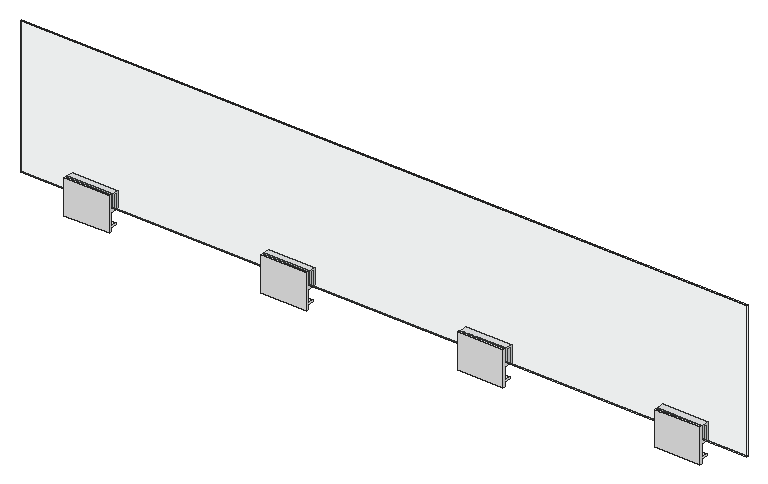
Revit family "Clarus_Divide Thinline_Top Clamp_R20", category Furniture, host Face, Revit 2020
Family settings
  Host = Face
  Cut with Voids When Loaded = No
  Shared = No
  Room Calculation Point = No
Parameters (values of type "6" Clamp - 96" Width")
  Width = 96"
  URL = "https://www.clarus.com/"
  TRC Standards [instance] = "http://therevitcollection.com/news/trc-news-the-revit-collection-standards-explained/"
  SingleArrayVis = Clamp Quantity < 2  # no
  Product URL = "https://www.clarus.com/divide-thinline/"
  MultiArrayVis = not(SingleArrayVis)  # yes
  More Revit Families! [instance] = "www.therevitcollection.com"
  Modeled By = "Commense Studio"  # constant formula
  Model = "Divide ThinLine"  # constant formula
  Manufacturer = "Clarus"  # constant formula
  Height Control = if(Height > 30", 30", Height)  # 18"
  Edge Offset = 6"  # constant formula
  Clarus Clamp [instance] = Clarus White
  Description = "Buckle down on your workspace challenges with Divide ThinLine from Clarus®. This beautifully\r\nengineered desk divider system boasts clean lines that won’t harm your existing offi ce furniture.\r\nSince no drilling is involved and all hardware screws are strategically hidden inside the clamps,\r\nDivide ThinLine seamlessly integrates and reduces visual distractions in your offi ce, all while\r\nmaintaining the overall aesthetic. Using this new patent pending state-of-the-art clamping system,\r\nDivide ThinLine can be easily installed at the back, side or along the center of a desk, giving you the\r\nfreedom to accommodate power cords, monitor arm att achments and more. You have the option to\r\nmix and match ThinLine Top, ThinLine Side and ThinLine Center hardware on the same table, which\r\nallows you to uniquely divide up your offi ce with stability and style."  # constant formula
  Height = 18"
  Designer = ""
  Glass Thickness = 1/4"
  Default Elevation = 0"
  Clarus Glass [instance] = Glass
  Clamp Width = 6"
  Clamp Quantity = 4
  Assembly Code = ""
  Array Control = if(Clamp Quantity < 2, 2, Clamp Quantity)  # 4
Types (11): name | Width | SingleArrayVis | MultiArrayVis | Clarus Clamp | Clarus Glass | Clamp Width | Clamp Quantity | Array Control
  12" Clamp - 36" Width | 36" | yes | no | Clarus Gray | none | 12" | 1 | 2
  6" Clamp - 36" Width | 36" | no | yes | Clarus Gray | none | 6" | 2 | 2
  2 1/2" Clamp - 30" Width | 30" | no | yes | Clarus Gray | none | 2 1/2" | 2 | 2
  6" Clamp - 66" Width | 66" | no | yes | Clarus Gray | none | 6" | 3 | 3
  6" Clamp - 96" Width | 96" | no | yes | Clarus White | Glass | 6" | 4 | 4
  2 1/2" Clamp - 48" Width | 48" | no | yes | Clarus Gray | none | 2 1/2" | 3 | 3
  2 1/2" Clamp - 66" Width | 66" | no | yes | Clarus Gray | none | 2 1/2" | 4 | 4
  2 1/2" Clamp - 84" Width | 84" | no | yes | Clarus Gray | none | 2 1/2" | 5 | 5
  2 1/2" Clamp - 96" Width | 96" | no | yes | Clarus Gray | none | 2 1/2" | 6 | 6
  12" Clamp - 72" Width | 72" | no | yes | Clarus Gray | none | 12" | 2 | 2
  12" Clamp - 96" Width | 96" | no | yes | Clarus Gray | none | 12" | 3 | 3
Reference planes (in)
  plane 1 "Center (Front/Back)": y = 0
  plane 2: z = 0
  plane 3 "Center (Left/Right)": x = 0
  plane 4 "L": x = -48
  plane 5 "R": x = 48
  plane 6 "F": y = -0.25
  plane 7: z = 18.5
  plane 8: x = -42
  plane 9: x = 42
  plane 10: z = 0.5
Forms (in)
  Extrusion 1, solid, material "Glass" <- "Clarus Glass"
    sketch origin (0, 0, 0) x (1, 0, 0) y (0, 1, 0)
      loop
        line (-48, 0) -> (-48, -0.25) -> (48, -0.25) -> (48, 0) -> (-48, 0)
    from 0.5 to 18.5
Dimensions and locks (in)
  equal spacing: plane 4 "L", plane 3 "Center (Left/Right)", plane 5 "R"
  "Width": plane 4 "L" to plane 5 "R"
  "Glass Thickness": plane 6 "F" to plane 1 "Center (Front/Back)"
  "Height": plane 7 to plane 10
  "Edge Offset": plane 4 "L" to plane 8
  "Edge Offset": plane 5 "R" to plane 9
  locked: plane 10 to level at 0.5
  equal spacing: group 1, group 3, group 4, group 2  (x3)
  aligned and locked: plane 2 to host face
  aligned and locked: level to host face
  aligned and locked: plane 7 to Extrusion 1
  aligned and locked: Extrusion 1 to plane 10
  aligned and locked: nested 1 to plane 6 "F"
  aligned and locked: plane 3 "Center (Left/Right)" to nested 1
  aligned and locked: nested 2 to plane 8
  aligned and locked: plane 9 to nested 3
Automatic sketch dimensions
  host sketch curve to host sketch curve = 96"
  host sketch curve to host sketch curve = 48 1/4"
  Extrusion 1 sketch curve to plane 4 "L" = 0"
  Extrusion 1 sketch curve to plane 5 "R" = 0"
  plane 6 "F" to Extrusion 1 sketch curve = 0"
  plane 1 "Center (Front/Back)" to Extrusion 1 sketch curve = 0"
Nested families (in)
  nested 1: "Thinline Top Clamp_R18" at (0, 0.875, 0), Core Finish <- "Clarus Clamp", visible <- "SingleArrayVis", type "Thinline Top Clamp_R18"
    with TRC Standards "http://therevitcollection.com/news/trc-news-the-revit-collection-standards-explained/", More Revit Families! "www.therevitcollection.com", Core Finish Clarus White
  nested 2: "Thinline Top Clamp_R18" at (-39, 0.875, 0), Core Finish <- "Clarus Clamp", visible <- "MultiArrayVis", type "Thinline Top Clamp_R18"
    with TRC Standards "http://therevitcollection.com/news/trc-news-the-revit-collection-standards-explained/", More Revit Families! "www.therevitcollection.com", Core Finish Clarus White
  nested 3: "Thinline Top Clamp_R18" at (39, 0.875, 0), Core Finish <- "Clarus Clamp", visible <- "MultiArrayVis", type "Thinline Top Clamp_R18"
    with TRC Standards "http://therevitcollection.com/news/trc-news-the-revit-collection-standards-explained/", More Revit Families! "www.therevitcollection.com", Core Finish Clarus White
  nested 4: "Thinline Top Clamp_R18" at (-13, 0.875, 0), Core Finish <- "Clarus Clamp", visible <- "MultiArrayVis", type "Thinline Top Clamp_R18"
    with TRC Standards "http://therevitcollection.com/news/trc-news-the-revit-collection-standards-explained/", More Revit Families! "www.therevitcollection.com", Core Finish Clarus White
  nested 5: "Thinline Top Clamp_R18" at (13, 0.875, 0), Core Finish <- "Clarus Clamp", visible <- "MultiArrayVis", type "Thinline Top Clamp_R18"
    with TRC Standards "http://therevitcollection.com/news/trc-news-the-revit-collection-standards-explained/", More Revit Families! "www.therevitcollection.com", Core Finish Clarus White
Definition of nested family "Thinline Top Clamp_R18"
  Parameters (values of type "Thinline Top Clamp_R18")
    Width = 6"
    URL = "https://www.clarus.com/"
    TRC Standards [instance] = "http://therevitcollection.com/news/trc-news-the-revit-collection-standards-explained/"
    Product URL = "https://www.clarus.com/be-shield/"
    More Revit Families! [instance] = "www.therevitcollection.com"
    Modeled By = "Commense Studio"  # constant formula
    Model = "be! Shield"  # constant formula
    Manufacturer = "Clarus"  # constant formula
    Core Finish [instance] = none
    Description = "be! Shield Leg Configs"  # constant formula
    Height = 4 7/16"
    Designer = ""
    Depth = 1 3/8"
    Default Elevation = 0"
    Assembly Code = ""
  Reference planes (in)
    plane 1 "Center (Front/Back)": y = 0
    plane 2: z = 0
    plane 3 "Center (Left/Right)": x = 0
    plane 4 "L": x = -3
    plane 5 "R": x = 3
    plane 6 "F": y = -1.375
    plane 7: z = 4.4375
  Forms (in)
    Extrusion 1, solid
      sketch origin (0, 0, 0) x (1, 0, 0) y (0, 1, 0)
        loop
          line (-48, 48) -> (-48, -48) -> (48, -48) -> (48, 48) -> (-48, 48)
      from 0 to -12
    Extrusion 2, solid, material <- "Core Finish"
      sketch origin (10.61611, 0, 0) x (0, 0, 1) y (0, -1, 0)
        loop
          line (2.125, 1.375) -> (-2.3125, 1.375) -> (-2.3125, 1.125) -> (-1.75135, 1.125) -> (-1.75135, 0.28125) -> (-1.50135, 0.28125) -> (-1.50135, 1.125) -> (0, 1.125) -> (0, 0.28125) -> (1.875, 0.28125) -> (1.875, 0.59375) -> (0.5, 0.59375) -> (0.5, 1.125) -> (2.125, 1.125) -> (2.125, 1.375)
        loop
          line (0.5625, 0.6875) -> (1.9375, 0.6875) -> (1.9375, 0.1875) -> (0.06115, 0.1875) -> (0.06115, 0) -> (2.125, 0) -> (2.125, 0.875) -> (0.5625, 0.875) -> (0.5625, 0.6875)
      from -13.61611 to -7.61611
  Dimensions and locks (in)
    equal spacing: plane 4 "L", plane 3 "Center (Left/Right)", plane 5 "R"
    "Width": plane 4 "L" to plane 5 "R"
    "Depth": plane 6 "F" to plane 1 "Center (Front/Back)"
    "Height": plane 7 to level
    aligned and locked: plane 2 to Extrusion 1
    aligned and locked: level to Extrusion 1
    aligned and locked: Extrusion 2 to plane 4 "L"
    aligned and locked: plane 5 "R" to Extrusion 2
  Automatic sketch dimensions
    Extrusion 1 sketch curve to Extrusion 1 sketch curve = 96"  (x2)
    Extrusion 2 sketch curve to plane 6 "F" = 0"
    Extrusion 2 sketch curve to level = 0"
    Extrusion 2 sketch curve to plane 6 "F" = 1/4"  (x3)
    Extrusion 2 sketch curve to level = 1.50135"
    Extrusion 2 sketch curve to Extrusion 2 sketch curve = 1/4"  (x3)
    Extrusion 2 sketch curve to Extrusion 2 sketch curve = 0.56115"
    Extrusion 2 sketch curve to Extrusion 2 sketch curve = 1/2"
    plane 1 "Center (Front/Back)" to Extrusion 2 sketch curve = 19/32"
    Extrusion 2 sketch curve to Extrusion 2 sketch curve = 1 3/8"
    plane 1 "Center (Front/Back)" to Extrusion 2 sketch curve = 9/32"  (x2)
    Extrusion 2 sketch curve to plane 1 "Center (Front/Back)" = 0"
    level to Extrusion 2 sketch curve = 0.06115"
    Extrusion 2 sketch curve to Extrusion 2 sketch curve = 1/16"  (x2)
    Extrusion 2 sketch curve to Extrusion 2 sketch curve = 3/16"
    Extrusion 2 sketch curve to Extrusion 2 sketch curve = 3/32"  (x2)
